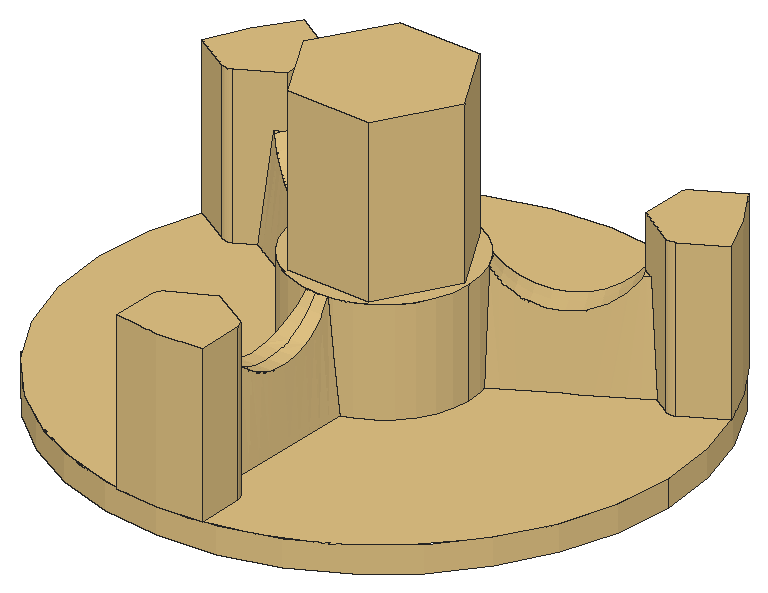
Revit family "PLATE NUT 15_7238000", category Generic Models, Revit 2018
Family settings
  Can host rebar = No
  Round Connector Dimension = Use Diameter
  Part Type = Normal
  OmniClass Number = 35.51.14.00
  OmniClass Title = FORMWORK
  Work Plane-Based = Yes
  Always vertical = No
  Cut with Voids When Loaded = No
  Shared = Yes
  Room Calculation Point = No
Parameters
  VERSION = "20170217"  # constant formula
  URL = "www.ulmaconstruction.com/en"
  UNICLASS = ""
  Model = ""
  Manufacturer = "ULMA CONSTRUCTION"  # constant formula
  ITEM_CODE = "7238000"
  FILTER [instance] = ""
  Default Elevation = 0 mm
  CLASSIFICATION_TITLE = ""
  CLASSIFICATION_NUMBER = ""
Reference planes
  plane 1 "Centro (Frontal/Posterior)": y = 0
  plane 2: z = 0
  plane 3 "Centro (Izquierda/Derecha)": x = 0
Forms (mm)
  Extrusion 1, solid, material "ULMA BICHROMATE"
    sketch origin (0, 42.5, 39) x (-1, 0, 0) y (0, -1, 0)
      loop
        circle (0, 42.5) r 55
    from -39 to -34
  Extrusion 2, solid, material "ULMA BICHROMATE", detail levels fine
    sketch origin (0, 0, 0) x (1, 0, 0) y (0, 1, 0)
      loop
        circle (0, 0) r 16.4
    from 5 to 25
  Extrusion 3, solid, material "ULMA BICHROMATE", detail levels fine
    sketch origin (0, 0, 0) x (1, 0, 0) y (0, 1, 0)
      loop
        line (7.794, 13.5) -> (-7.794, 13.5) -> (-15.588, 0) -> (-7.794, -13.5) -> (7.794, -13.5) -> (15.588, 0) -> (7.794, 13.5)
    from 25 to 56
  Extrusion 4, solid, material "ULMA BICHROMATE", detail levels fine
    sketch origin (0, 0, 0) x (1, 0, 0) y (0, 1, 0)
      loop
        line (-51.249, 19.962) -> (-43.895, 15.716)
        arc (-43.895, 15.716) -> (-42.889, 15.447) -> (-41.884, 15.718) r 2.008
        line (-41.884, 15.718) -> (-34.641, 19.9) -> (-34.641, 28.263)
        arc (-34.641, 28.263) -> (-34.91, 29.269) -> (-35.645, 30.006) r 2.015
        line (-35.645, 30.006) -> (-43.022, 34.265)
        arc (-43.022, 34.265) -> (-47.675, 27.424) -> (-51.249, 19.962) r 55
      loop
        arc (51.186, 20.125) -> (47.587, 27.576) -> (42.913, 34.402) r 55
        line (42.913, 34.402) -> (35.558, 30.156)
        arc (35.558, 30.156) -> (34.822, 29.419) -> (34.554, 28.413) r 2.008
        line (34.554, 28.413) -> (34.554, 20.05) -> (41.797, 15.868)
        arc (41.797, 15.868) -> (42.802, 15.598) -> (43.808, 15.866) r 2.015
        line (43.808, 15.866) -> (51.186, 20.125)
      loop
        line (8.337, -54.364) -> (8.337, -45.872)
        arc (8.337, -45.872) -> (8.067, -44.867) -> (7.329, -44.132) r 2.008
        line (7.329, -44.132) -> (0.087, -39.95) -> (-7.156, -44.132)
        arc (-7.156, -44.132) -> (-7.893, -44.867) -> (-8.164, -45.872) r 2.015
        line (-8.164, -45.872) -> (-8.164, -54.391)
        arc (-8.164, -54.391) -> (0.088, -55) -> (8.337, -54.364) r 55
    from 5 to 35
  Blend 5, solid, material "ULMA BICHROMATE", detail levels fine
    base sketch origin (0, 0, 0) x (1, 0, 0) y (0, 1, 0)
      loop
        arc (-15.798, 4.402) -> (-14.247, 8.123) -> (-11.836, 11.352) r 16.4
        line (-11.836, 11.352) -> (-34.641, 24.519) -> (-34.641, 19.9) -> (-38.641, 17.591) -> (-15.798, 4.402)
    top sketch origin (0, 0, 0) x (1, 0, 0) y (0, 1, 0)
      loop
        spline (-36.457, 18.852) -> (-35.471, 18.034) -> (-34.159, 17.057) -> (-32.563, 15.952) -> (-30.731, 14.753) -> (-28.722, 13.498) -> (-26.598, 12.226) -> (-24.424, 10.976) -> (-22.269, 9.788) -> (-20.2, 8.697) -> (-18.281, 7.74) -> (-16.572, 6.944) -> (-15.127, 6.336)
        arc (-15.127, 6.336) -> (-14.246, 8.125) -> (-13.154, 9.794) r 16.4
        spline (-13.154, 9.794) -> (-14.405, 10.742) -> (-15.948, 11.824) -> (-17.736, 13.006) -> (-19.714, 14.252) -> (-21.82, 15.523) -> (-23.987, 16.779) -> (-26.149, 17.981) -> (-28.238, 19.093) -> (-30.19, 20.078) -> (-31.942, 20.906) -> (-33.442, 21.553) -> (-34.641, 21.996)
        line (-34.641, 21.996) -> (-34.641, 19.9) -> (-36.457, 18.852)
    from 5 to 24.998
  Blend 6, solid, material "ULMA BICHROMATE", detail levels fine
    base sketch origin (0, 0, 0) x (-0.5, -0.866025, 0) y (0.866025, -0.5, 0)
      loop
        arc (-15.798, 4.402) -> (-14.247, 8.123) -> (-11.836, 11.352) r 16.4
        line (-11.836, 11.352) -> (-34.641, 24.519) -> (-34.641, 19.9) -> (-38.641, 17.591) -> (-15.798, 4.402)
    top sketch origin (0, 0, 0) x (-0.5, -0.866025, 0) y (0.866025, -0.5, 0)
      loop
        spline (-36.457, 18.852) -> (-35.471, 18.034) -> (-34.159, 17.057) -> (-32.563, 15.952) -> (-30.731, 14.753) -> (-28.722, 13.498) -> (-26.598, 12.226) -> (-24.424, 10.976) -> (-22.269, 9.788) -> (-20.2, 8.697) -> (-18.281, 7.74) -> (-16.572, 6.944) -> (-15.127, 6.336)
        arc (-15.127, 6.336) -> (-14.246, 8.125) -> (-13.154, 9.794) r 16.4
        spline (-13.154, 9.794) -> (-14.405, 10.742) -> (-15.948, 11.824) -> (-17.736, 13.006) -> (-19.714, 14.252) -> (-21.82, 15.523) -> (-23.987, 16.779) -> (-26.149, 17.981) -> (-28.238, 19.093) -> (-30.19, 20.078) -> (-31.942, 20.906) -> (-33.442, 21.553) -> (-34.641, 21.996)
        line (-34.641, 21.996) -> (-34.641, 19.9) -> (-36.457, 18.852)
    from 5 to 24.998
  Blend 7, solid, material "ULMA BICHROMATE", detail levels fine
    base sketch origin (0, 0, 0) x (-0.498104, 0.867117, 0) y (-0.867117, -0.498104, 0)
      loop
        arc (-15.798, 4.402) -> (-14.247, 8.123) -> (-11.836, 11.352) r 16.4
        line (-11.836, 11.352) -> (-34.641, 24.519) -> (-34.641, 19.9) -> (-38.641, 17.591) -> (-15.798, 4.402)
    top sketch origin (0, 0, 0) x (-0.498104, 0.867117, 0) y (-0.867117, -0.498104, 0)
      loop
        spline (-36.457, 18.852) -> (-35.471, 18.034) -> (-34.159, 17.057) -> (-32.563, 15.952) -> (-30.731, 14.753) -> (-28.722, 13.498) -> (-26.598, 12.226) -> (-24.424, 10.976) -> (-22.269, 9.788) -> (-20.2, 8.697) -> (-18.281, 7.74) -> (-16.572, 6.944) -> (-15.127, 6.336)
        arc (-15.127, 6.336) -> (-14.246, 8.125) -> (-13.154, 9.794) r 16.4
        spline (-13.154, 9.794) -> (-14.405, 10.742) -> (-15.948, 11.824) -> (-17.736, 13.006) -> (-19.714, 14.252) -> (-21.82, 15.523) -> (-23.987, 16.779) -> (-26.149, 17.981) -> (-28.238, 19.093) -> (-30.19, 20.078) -> (-31.942, 20.906) -> (-33.442, 21.553) -> (-34.641, 21.996)
        line (-34.641, 21.996) -> (-34.641, 19.9) -> (-36.457, 18.852)
    from 5 to 24.998
  Revolve 8, void
    sketch origin (0, 0, 0) x (0, 1, 0) y (0, 0, 1)
      loop
        arc (-39.95, 25) -> (-28.175, 18.72) -> (-16.4, 24.999) r 14.18
        line (-16.4, 24.999) -> (-16.4, 26.999) -> (-39.95, 26.999) -> (-39.95, 25)
      axis (0, 24.999) -> (0, 26.999)
    angle from 0 to 360
Cuts and joins
  Revolve 8 cuts Extrusion 3
  Revolve 8 cuts Blend 5
  Revolve 8 cuts Blend 6
  Revolve 8 cuts Blend 7
Lines and regions (mm)
  model lines, style "ULMA ANCHOR", detail levels fine
    curve 1: circle (0, 0, 0) r 7.5 normal (0, 0, 1)
    curve 2: circle (0, 0, 56) r 7.5 normal (0, 0, 1)
Dimensions and locks
  aligned and locked: level to plane 2
